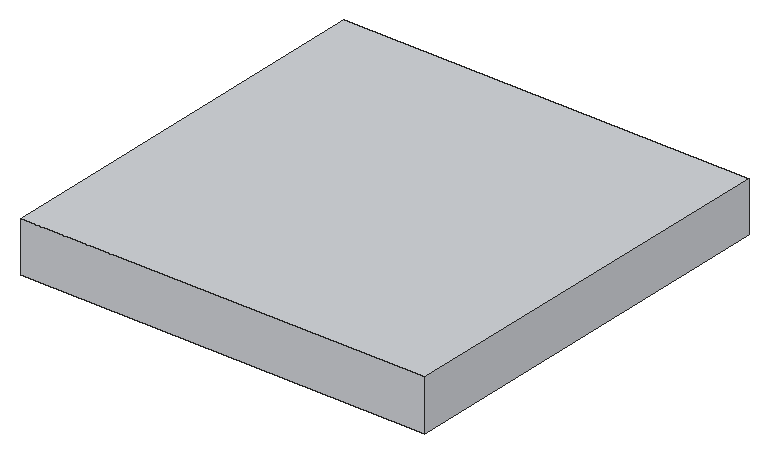
Revit family "05-E079-Z5-CL", category Luminarias, Revit 2017
Family settings
  Anfitrión = Cara
  Cota de conector redondo = Diámetro de uso
  Tipo de pieza = Normal
  Número OmniClass = 23.80.70.00
  Título OmniClass = Lighting
  Corte con vacíos al cargar = No
  Origen de luz = No
  Compartido = Sí
  Punto de cálculo de habitación = No
Parameters (values of type "05-E079-Z5-CL")
  Versión = "v1"
  Vatios (W) = 22.3
  Tipo de regulación = "0-10V"
  Tipo = "Aplique"
  Tender text (English) = "LEDS C4\nAfrodita Tech Big One Emission\n05-E079-Z5-CL\n\nWall light for indoor and outdoor use. \n\nFor downlighting. Suitable for installation in marine environments. Includes 2 cable outlets to facilitate chain mounting. Structure material: Aluminium. Structure finish: Urban grey. Diffuser material: Glass. Diffuser finish: Transparent. UV protection. Warranty: 5 Years.\n\nProduct net weight (Kg): 0.000\nProduct width or diameter (mm): 215\nProduct height (mm): 215\nProduct aperture (mm): 185\n\nClass 1. IP: IP65. IK: IK07. LED. No. of lampholders or LEDs: 1. LED brand: CREE. Driver brand: INVENTRONICS. Maximum power of light source: 19.3W. Colour temperature: LED warm-white 3000K. Colour rendering index: 80. MacAdam Steps: 2. Maximum diameter of luminaire bulb: 50.000h L80B20. Photobiological risk: RG1. Real flux (lm): 194. Lm/Real W: 9. Voltage and frequency range: 90-305/50-60Hz. Voltage: 36. Gear included: Yes, electronic. Total power: 22.3. Power factor: 0.95. Dimmable gear included: 0-10V."
  Tender text (Castellano) = "LEDS C4\nAfrodita Tech Big One Emission\n05-E079-Z5-CL\n\nAplique de uso interior y exterior para iluminar hacia abajo. \nApto para instalar en ambientes con atmósfera marina. Incluye 2 salidas de cable para facilitar la instalación en cadena. Material estructura: Aluminio. Acabado estructura: Gris urbano. Material difusor: Cristal. Acabado difusor: Transparente. Protección contra los rayos ultravioleta. Garantía: 5 Años.\n\nPeso neto del producto (Kg): 0.000\nAnchura o diámetro del producto (mm): 215\nAltura del producto (mm): 215\nSalida del producto (mm): 185\n\nClase 1. IP: IP65. IK: IK07. LED. Nº de portalámparas o Leds: 1. Marca del LED: CREE. Marca del Driver: INVENTRONICS. Potencia máxima de la fuente de luz: 19.3W. Temperatura de color: Blanco cálido - 3000K. Índice de reproducción cromática: 80. Steps Mac Adam: 2. Diámetro máximo de la bombilla que admite la luminaria: 50.000h L80B20. Riesgo fotobiológico: RG1. Flujo real (lm): 194. Lm/W reales: 9. Rango de voltaje/frecuencia: 90-305/50-60Hz. Voltaje: 36. Equipo incluido: Si, electrónico. Potencia total: 22.3. Factor de potencia: 0.95. Equipo regulable incluido: 0-10V."
  Temperatura color led (K) = "Blanco cálido - 3000K"
  Referencia = "05-E079-Z5-CL"
  Rayo de luz = "Check Photometric file"
  Producto descatalogado = "Catalogado ES"
  Pluma comercial = ""
  Peso neto (KG) = 0
  Material = "Aluminio, Cristal"
  Lumenes reales (lm) = 194
  LDT = "http://files.leds-c4.com/ldt/05-E079-Z5-CL.html"
  Imagen web = "http://files.leds-c4.com/main-photo/05-E079-Z5-CL"
  IfcExportType = "NOTDEFINED"
  IfcExportAs = "IfcLightFixture\r\nIfcLightFixture"
  IP = "IP65"
  IMC = "http://files.leds-c4.com/imc/05-E079-Z5-CL.html"
  IK = "IK07"
  Fuente de luz = ""
  Fotometría = "http://files.leds-c4.com/fm/05-E079-Z5-CL.html"
  Ficha = "http://files.leds-c4.com/ft/es/05-E079-Z5-CL.html"
  FechaVersion = "Julio 2020"
  Familia = "Afrodita Tech Big One Emission"
  Fabricante = "LEDS C4"
  Etiqueta V/f = "100-240V/50-60Hz"
  Elevación por defecto = 1000 mm
  Eficiencia energética = "LED A++"
  EAN13 = "8435575323032"
  DescripcionUniformat2010 = "Lighting"
  DescripcionUniclass2015 = "Lighting"
  DescripcionOmniclass = "Lighting"
  DescripcionGubimclass = "Iluminación interior"
  CodigoUniformat2010 = "D5040"
  CodigoUniclass2015 = "EF_70_80"
  CodigoOmniclass = "21-04 50 40"
  CodigoGubimclass = "50.60.50.20"
  Catálogo = "Outdoor"
  Carga aparente = 0 VA
  CRI = 80
  Acabado = "Gris urbano, Transparente"
Types (2, lengths in mm): name | Lumenes reales (lm) | CRI
  (no name) | 0 | 0
  05-E079-Z5-CL | 194 | 80
Values of the unnamed type that differ from the named types
  Vatios (W) = 0
  Tipo de regulación = ""
  Tipo = ""
  Tender text (English) = ""
  Tender text (Castellano) = ""
  Temperatura color led (K) = ""
  Referencia = ""
  Rayo de luz = ""
  Producto descatalogado = ""
  Material = ""
  LDT = ""
  Imagen web = ""
  IP = ""
  IMC = ""
  IK = ""
  Fotometría = ""
  Ficha = ""
  Familia = ""
  Etiqueta V/f = ""
  Eficiencia energética = ""
  EAN13 = ""
  Catálogo = ""
  Acabado = ""
Reference planes
  plane 1 "Centro (Frontal/Posterior)": y = 0
  plane 2: z = 0
  plane 3 "Centro (Izquierda/Derecha)": x = 0
  plane 4 "Elevación de origen de luz": z = 0
  plane 5 "Eje de origen de luz (F/P)": y = 0
  plane 6 "Eje de origen de luz (I/D)": x = 0
Forms (mm)
  Extrusion 1, solid
    sketch origin (0, 0, 0) x (1, 0, 0) y (0, 1, 0)
      loop
        line (-1219.2, 1219.2) -> (-1219.2, -1219.2) -> (1219.2, -1219.2) -> (1219.2, 1219.2) -> (-1219.2, 1219.2)
    from 0 to -304.8
Dimensions and locks
  aligned and locked: plane 2 to Extrusion 1
  aligned and locked: level to Extrusion 1
Nested families
  nested 1: "Luz anidada" at (109.776, 0, 103.555), type "Tipo1"
Connectors
  electrical at (0, 0, 0)
    settings: on Extrusion 1, index 1, voltage 0 V, apparent load 0 VA, apparent load phase1 0 VA, apparent load phase2 0 VA, apparent load phase3 0 VA, power factor 1, load classification "Otro", number of poles 1, system type 31, power factor state 1, is connector primary yes, connector utility no, sub classification motor no, connector description ""
Definition of nested family "Luz anidada"
  Parameters (values of type "Tipo1")
    Tilt Angle = 0.403213°
    Wattage = 22.3 W
    Tipo de regulación = ""
    Tipo = ""
    Tender text = ""
    built-in parameter 1150110 = 1 (stored number, unit not read)
    Pluma comercial = ""
    Material = ""
    Imagen = ""
    IP = ""
    IMC = ""
    IK = ""
    Fotometría = ""
    Ficha = ""
    Familia = ""
    Estado en catálogo = ""
    Peso neto = ""
    Lamp = ""
    built-in parameter 1114217 = 1 (stored number, unit not read)
    built-in parameter 1150109 = 1 (stored number, unit not read)
    Etiqueta vf = ""
    Eficiencia energética = ""
    EAN13 = ""
    built-in parameter 1150134 = (empty or 0)
    built-in parameter 1150113 = 1 (stored number, unit not read)
    Lumens = 2391 lm
    built-in parameter 1150115 = 1 (stored number, unit not read)
    built-in parameter 1150105 = 109.82 (stored number, unit not read)
    built-in parameter 1150137 = (empty or 0)
    built-in parameter 1150139 = (empty or 0)
    built-in parameter 1150112 = 1 (stored number, unit not read)
    built-in parameter 1150114 = 1 (stored number, unit not read)
    built-in parameter 1150132 = (empty or 0)
    built-in parameter 1150102 = (empty or 0)
    built-in parameter 1150138 = (empty or 0)
    built-in parameter 1150107 = 3000 (stored number, unit not read)
    built-in parameter 1150106 = 1.0982 (stored number, unit not read)
    built-in parameter 1150104 = 0.80821 (stored number, unit not read)
    Catálogo = ""
    Dimming Lamp Color Temperature Shift = (empty or 0)
    Color Filter = 16777215
    built-in parameter 1114218 = 1 (stored number, unit not read)
    CRI = 0
    Photometric Web File = "05-E079-Z5-CL.ies"
    Acabado = ""
    built-in parameter 1150133 = 10 (stored number, unit not read)
  Types (2, lengths in mm): name | Tilt Angle
    (no name) | 53.6548°
    Tipo1 | 0.403213°
  Values of the unnamed type that differ from the named types
    Wattage = 10.4 W
    built-in parameter 1150104 = 6.8337 (stored number, unit not read)
  Reference planes
    plane 1 "Eje de origen de luz (F/P)": y = 0
    plane 2: z = 0
    plane 3 "Eje de origen de luz (I/D)": x = 0
    plane 4 "Elevación de origen de luz": z = 0
  Dimensions and locks
    aligned and locked: plane 3 "Eje de origen de luz (I/D)" to imposter light
    aligned and locked: plane 1 "Eje de origen de luz (F/P)" to imposter light
    aligned and locked: plane 4 "Elevación de origen de luz" to imposter light
    aligned and locked: level to plane 2
